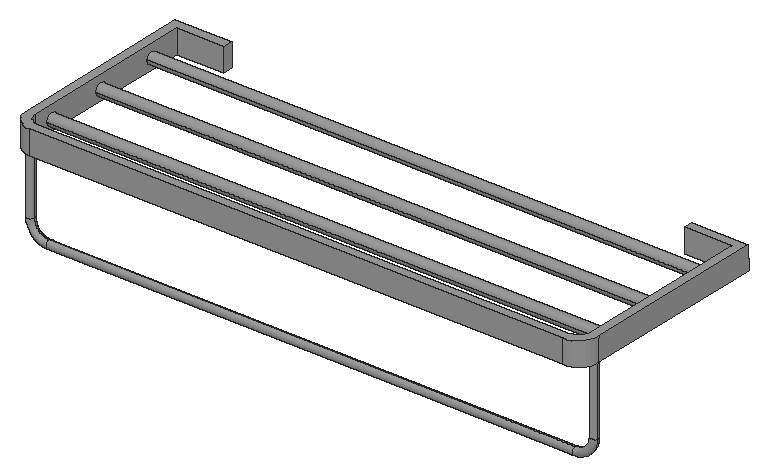
Revit family "REP ATLAS CR", category Plumbing Fixtures, Revit 2019
Family settings
  Round Connector Dimension = Use Diameter
  Part Type = Normal
  OmniClass Number = 23.45.00.00
  OmniClass Title = Sanitary, Laundry, and Cleaning Equipment
  Work Plane-Based = No
  Always vertical = Yes
  Cut with Voids When Loaded = No
  Shared = No
  Room Calculation Point = No
Reference planes
  plane 1 "Center (Front/Back)": y = 0
  plane 2: z = 0
  plane 3 "Center (Left/Right)": x = 0
Forms (mm)
  Sweep 1, solid
    path origin (0, 0, 0) x (1, 0, 0) y (0, 1, 0)
      loop
        line (0, 0) -> (-55, 0) -> (-55, -193.5)
        arc (-55, -193.5) -> (-50.167, -205.167) -> (-38.5, -210) r 16.5
        line (-38.5, -210) -> (528.5, -210)
        arc (528.5, -210) -> (540.167, -205.167) -> (545, -193.5) r 16.5
        line (545, -193.5) -> (545, 0) -> (490, 0)
    profile origin (0, 0, 0) x (0, -1, 0) y (0, 0, 1)
      loop
        line (0, 12.5) -> (-5, 12.5) -> (-5, -12.5) -> (0, -12.5) -> (5, -12.5) -> (5, 12.5) -> (0, 12.5)
  Extrusion 2, solid
    sketch origin (0, 30, 0) x (0, 1, 0) y (0, 0, 1)
      loop
        circle (-69.782, 0) r 6
      loop
        circle (-137.781, 0) r 6
      loop
        circle (-203, 0) r 6
    from -50 to 540
  Sweep 3, solid
    path origin (0, 0, 0) x (1, 0, 0) y (0, 0, 1)
      loop
        line (-55, -12.5) -> (-55, -85.5)
        arc (-55, -85.5) -> (-49.142, -99.642) -> (-35, -105.5) r 20
        line (-35, -105.5) -> (525, -105.5)
        arc (525, -105.5) -> (539.142, -99.642) -> (545, -85.5) r 20
        line (545, -85.5) -> (545, -12.5)
    profile origin (-55, 0, -12.5) x (0, -1, 0) y (1, 0, 0)
      loop
        circle (193.5, 0) r 4
Dimensions and locks
  aligned and locked: level to plane 2
